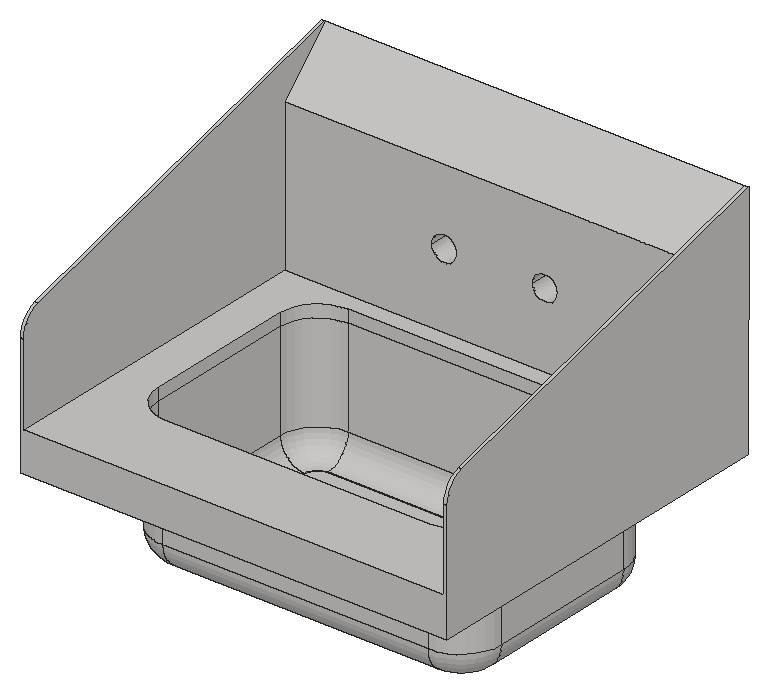
Revit family "QF_Vollrath_1410-0", category Specialty Equipment, Revit 2016
Family settings
  Part Type = Normal
  Round Connector Dimension = Use Diameter
  OmniClass Number = 23.40.40.14.31
  OmniClass Title = Cleaning and Disposal Equipment
  Work Plane-Based = Yes
  Always vertical = Yes
  Cut with Voids When Loaded = No
  Shared = No
  Room Calculation Point = No
Parameters
  Width = 1' - 5"
  Weight in Pounds = 0
  Watermarked By = "http://revitwatermark.com"
  URL Cutsheet = ""
  Status [instance] = ""
  Specification by User [instance] = ""
  Specification by Manufacturer [instance] = ""
  Sink Width = 1' - 1 9/16"
  Sink Depth = 0' - 9 1/16"
  Sink Basin Depth = 0' - 5 1/2"
  Serial Number [instance] = ""
  Seismic Rating [instance] = ""
  SMACNA No [instance] = ""
  Revision Code [instance] = ""
  Plumbing Remarks [instance] = ""
  Plumbing Connection Type [instance] = ""
  NAFEM Spec ID Number [instance] = ""
  Model = "1410-0"
  Masterspec [instance] = ""
  Manufacturer = "Vollrath"
  Item Number [instance] = "-"
  Installed By [instance] = ""
  Furnished By [instance] = ""
  Foodservice Equipment Identifier [instance] = yes
  Direct Waste Size = 2"
  Direct Waste RI Height [instance] = 0' - 0"
  Direct Waste Flow [instance] = 0.00 GPM
  Direct Waste Connection Height [instance] = 0' - 0"
  Description = "Wall-Mount Hand Sink"  # constant formula
  Depth = 1' - 3"
  Default Elevation = 4' - 0"
  CSI MasterFormat = ""
Reference planes (in)
  plane 1 "BACK": y = 0
  plane 2 "BOTTOM": z = 0
  plane 3 "LEFT": x = 0
  plane 4 "RIGHT": x = 17
  plane 5 "FRONT": y = -15
  plane 6: x = 8.5
  plane 7 "center": y = -7.25
  plane 8: y = -2
  plane 9: y = -2.71875
  plane 10: y = -11.78125
  plane 11: x = 1.71875
  plane 12: x = 15.28125
  plane 13 "TOP": z = 8
  plane 14 "Sink Bottom": z = -5.5
  plane 15 "Bottom of Skirt": z = -1.5625
  plane 16 "PIPE 1": z = -7.5
  plane 17 "CENTER 1": x = 6.5
  plane 18 "CENTER 2": x = 10.5
Forms (in)
  Extrusion 1, solid, material "QF_Finishes_Stainless Steel"
    sketch origin (0, 0, -5.5) x (0, 1, 0) y (0, 0, 1)
      loop
        line (0, 13.5) -> (-2, 11.5) -> (-2, 3.9375) -> (0, 3.9375) -> (0, 13.5)
    from 0 to 17
  Extrusion 2, solid, material "QF_Finishes_Stainless Steel"
    sketch origin (0, 0, 0) x (1, 0, 0) y (0, 1, 0)
      loop
        line (0, -2) -> (0, -15) -> (17, -15) -> (17, -2) -> (0, -2)
      loop
        arc (3.21875, -2.71875) -> (2.15809, -3.15809) -> (1.71875, -4.21875) r 1.5
        line (1.71875, -4.21875) -> (1.71875, -10.28125)
        arc (1.71875, -10.28125) -> (2.15809, -11.34191) -> (3.21875, -11.78125) r 1.5
        line (3.21875, -11.78125) -> (13.78125, -11.78125)
        arc (13.78125, -11.78125) -> (14.84191, -11.34191) -> (15.28125, -10.28125) r 1.5
        line (15.28125, -10.28125) -> (15.28125, -4.21875)
        arc (15.28125, -4.21875) -> (14.84191, -3.15809) -> (13.78125, -2.71875) r 1.5
        line (13.78125, -2.71875) -> (3.21875, -2.71875)
    from 0 to -0.5
  Extrusion 3, void
    sketch origin (0, 0, -5.5) x (1, 0, 0) y (0, 0, 1)
      loop
        circle (10.5, 8.5) r 0.5
      loop
        circle (6.5, 8.5) r 0.5
    from 0 to 2
  Sweep 4, solid, material "QF_Finishes_Stainless Steel"
    path origin (0, 0, 0) x (1, 0, 0) y (0, 1, 0)
      loop
        arc (3.21875, -2.71875) -> (2.15809, -3.15809) -> (1.71875, -4.21875) r 1.5
        line (1.71875, -4.21875) -> (1.71875, -10.28125)
        arc (1.71875, -10.28125) -> (2.15809, -11.34191) -> (3.21875, -11.78125) r 1.5
        line (3.21875, -11.78125) -> (13.78125, -11.78125)
        arc (13.78125, -11.78125) -> (14.84191, -11.34191) -> (15.28125, -10.28125) r 1.5
        line (15.28125, -10.28125) -> (15.28125, -4.21875)
        arc (15.28125, -4.21875) -> (14.84191, -3.15809) -> (13.78125, -2.71875) r 1.5
        line (13.78125, -2.71875) -> (3.21875, -2.71875)
    profile origin (8.5, -2.71875, 0) x (0, 1, 0) y (0, 0, 1)
      loop
        line (0, -0.5) -> (0, -4.375)
        arc (0, -4.375) -> (-0.29289, -5.08211) -> (-1, -5.375) r 1
        line (-1, -5.375) -> (-1, -5.5)
        arc (-1, -5.5) -> (-0.2045, -5.1705) -> (0.125, -4.375) r 1.125
        line (0.125, -4.375) -> (0.125, -0.5) -> (0, -0.5)
  Extrusion 5, solid, material "QF_Finishes_Stainless Steel"
    sketch origin (0, 0, -5.5) x (-1, 0, 0) y (0, -1, 0)
      loop
        line (-13.78125, 3.71875) -> (-3.21875, 3.71875)
        arc (-3.21875, 3.71875) -> (-2.8652, 3.8652) -> (-2.71875, 4.21875) r 0.5
        line (-2.71875, 4.21875) -> (-2.71875, 10.28125)
        arc (-2.71875, 10.28125) -> (-2.8652, 10.6348) -> (-3.21875, 10.78125) r 0.5
        line (-3.21875, 10.78125) -> (-13.78125, 10.78125)
        arc (-13.78125, 10.78125) -> (-14.1348, 10.6348) -> (-14.28125, 10.28125) r 0.5
        line (-14.28125, 10.28125) -> (-14.28125, 4.21875)
        arc (-14.28125, 4.21875) -> (-14.1348, 3.8652) -> (-13.78125, 3.71875) r 0.5
      loop
        circle (-8.5, 7.25) r 1
    from 0 to 0.125
  Extrusion 6, solid, material "QF_Finishes_Stainless Steel"
    sketch origin (0, 0, -1.5625) x (-1, 0, 0) y (0, -1, 0)
      loop
        line (0, 2) -> (0, 15) -> (-17, 15) -> (-17, 2) -> (-16.75, 2) -> (-16.75, 14.75) -> (-0.25, 14.75) -> (-0.25, 2) -> (0, 2)
    from 0 to 1.0625
  Extrusion 7, solid, material "QF_Finishes_Stainless Steel"
    sketch origin (0, 0, 0) x (0, 1, 0) y (0, 0, 1)
      loop
        line (0, 0) -> (0, 8) -> (-14.25766, 4.19796)
        arc (-14.25766, 4.19796) -> (-14.79299, 3.84096) -> (-15, 3.23172) r 1
        line (-15, 3.23172) -> (-15, 0) -> (0, 0)
    from 0 to 0.125
  Extrusion 8, solid, material "QF_Finishes_Stainless Steel"
    sketch origin (17, 0, 0) x (0, 1, 0) y (0, 0, 1)
      loop
        line (0, 8) -> (-14.25766, 4.19796)
        arc (-14.25766, 4.19796) -> (-14.79299, 3.84096) -> (-15, 3.23172) r 1
        line (-15, 3.23172) -> (-15, 0) -> (0, 0) -> (0, 8)
    from 0 to -0.125
Cuts and joins
  Extrusion 3 cuts Extrusion 1
  Extrusion 3 cuts Extrusion 2
  joined: Extrusion 1, Extrusion 2, Extrusion 6, Extrusion 7, Extrusion 8
Lines and regions (in)
  symbolic lines
    curve 1: line (0, 0, -1.5625) -> (17, 0, -1.5625)
    curve 2: line (0, -15, -1.5625) -> (0, 0, -1.5625)
    curve 3: line (17, -15, -1.5625) -> (0, -15, -1.5625)
    curve 4: line (17, 0, -1.5625) -> (17, -15, -1.5625)
  symbolic lines, style "QF_Surface Details"
    curve 5: circle (8.5, -7.25, -1.5625) r 1 normal (0, 0, -1)
    curve 6: line (0, -2, -1.5625) -> (17, -2, -1.5625)
    curve 7: line (13.78125, -2.71875, -1.5625) -> (3.21875, -2.71875, -1.5625)
    curve 8: arc (1.71875, -4.21875, -1.5625) -> (2.15809, -3.15809, -1.5625) -> (3.21875, -2.71875, -1.5625) r 1.5
    curve 9: line (1.71875, -4.21875, -1.5625) -> (1.71875, -10.28125, -1.5625)
    curve 10: arc (3.21875, -11.78125, -1.5625) -> (2.15809, -11.34191, -1.5625) -> (1.71875, -10.28125, -1.5625) r 1.5
    curve 11: line (3.21875, -11.78125, -1.5625) -> (13.78125, -11.78125, -1.5625)
    curve 12: arc (15.28125, -10.28125, -1.5625) -> (14.84191, -11.34191, -1.5625) -> (13.78125, -11.78125, -1.5625) r 1.5
    curve 13: line (15.28125, -10.28125, -1.5625) -> (15.28125, -4.21875, -1.5625)
    curve 14: arc (13.78125, -2.71875, -1.5625) -> (14.84191, -3.15809, -1.5625) -> (15.28125, -4.21875, -1.5625) r 1.5
Dimensions and locks (in)
  "Width": plane 3 "LEFT" to plane 4 "RIGHT"
  "Depth": plane 5 "FRONT" to plane 1 "BACK"
  locked: plane 8 to plane 1 "BACK" at 2
  equal spacing: plane 9, plane 7 "center", plane 10
  "Sink Depth": plane 9 to plane 10
  equal spacing: plane 3 "LEFT", plane 6, plane 4 "RIGHT"
  equal spacing: plane 11, plane 6, plane 12
  "Sink Width": plane 11 to plane 12
  locked: plane 13 "TOP" to level at 8
  "Sink Basin Depth": level to plane 14 "Sink Bottom"
  locked: Extrusion 1 sketch curve to plane 13 "TOP" at 2
  locked: Extrusion 3 sketch curve to level at 3  (x2)
  locked: Extrusion 3 sketch curve to plane 6 at 2
  locked: plane 6 to Extrusion 3 sketch curve at 2
  locked: level to plane 15 "Bottom of Skirt" at 1.5625
  locked: level to Sweep 4 sketch curve at 0.5
  locked: Sweep 4 sketch curve to plane 9 at 0.125
  locked: plane 14 "Sink Bottom" to Sweep 4 sketch curve at 0.125
  plane 11 to plane 12 = 1' - 1 9/16"
  plane 9 to plane 10 = 0' - 9 1/16"
  locked: plane 3 "LEFT" to Extrusion 6 sketch curve at 0.25
  locked: plane 5 "FRONT" to Extrusion 6 sketch curve at 0.25
  locked: Extrusion 6 sketch curve to plane 4 "RIGHT" at 0.25
  locked: plane 8 to plane 9 at 0.71875
  aligned and locked: level to plane 2 "BOTTOM"
  aligned and locked: plane 4 "RIGHT" to Extrusion 1
  aligned: plane 9 to cut or joined group of Extrusion 1, Extrusion 2, Extrusion 3, Extrusion 6, Extrusion 7, Extrusion 8
  aligned and locked: Extrusion 3 to plane 8
  aligned and locked: plane 1 "BACK" to Extrusion 1 sketch curve
  aligned and locked: plane 8 to Extrusion 1 sketch curve
  aligned and locked: plane 3 "LEFT" to Extrusion 2 sketch curve
  aligned and locked: Extrusion 2 sketch curve to plane 8
  aligned and locked: Extrusion 2 sketch curve to plane 4 "RIGHT"
  aligned and locked: Extrusion 2 sketch curve to plane 5 "FRONT"
  aligned and locked: Extrusion 2 sketch curve to plane 9
  aligned and locked: plane 11 to Extrusion 2 sketch curve
  aligned and locked: plane 10 to Extrusion 2 sketch curve
  aligned and locked: Extrusion 2 sketch curve to plane 12
  aligned and locked: Sweep 4 sketch curve to plane 9
  aligned and locked: plane 11 to Sweep 4 sketch curve
  aligned and locked: plane 10 to Sweep 4 sketch curve
  aligned and locked: Sweep 4 sketch curve to plane 12
  aligned and locked: plane 9 to Sweep 4 sketch curve
  aligned and locked: plane 14 "Sink Bottom" to Sweep 4 sketch curve
  aligned and locked: Extrusion 5 sketch curve to Sweep 4  (x4)
  aligned and locked: plane 8 to Extrusion 6 sketch curve  (x2)
  aligned and locked: plane 4 "RIGHT" to Extrusion 6 sketch curve
  aligned and locked: plane 5 "FRONT" to Extrusion 6 sketch curve
  aligned and locked: Extrusion 6 sketch curve to plane 3 "LEFT"
  aligned and locked: Extrusion 1 sketch curve to plane 15 "Bottom of Skirt"
  aligned and locked: curve 1 to cut or joined group of Extrusion 1, Extrusion 2, Extrusion 3, Extrusion 6, Extrusion 7, Extrusion 8
  aligned and locked: curve 2 to cut or joined group of Extrusion 1, Extrusion 2, Extrusion 3, Extrusion 6, Extrusion 7, Extrusion 8
  aligned and locked: curve 3 to cut or joined group of Extrusion 1, Extrusion 2, Extrusion 3, Extrusion 6, Extrusion 7, Extrusion 8
  aligned and locked: curve 4 to cut or joined group of Extrusion 1, Extrusion 2, Extrusion 3, Extrusion 6, Extrusion 7, Extrusion 8
Automatic sketch dimensions
  Extrusion 1 sketch curve to Extrusion 1 sketch curve = 0' - 2"
  plane 11 to Extrusion 2 sketch curve = 0' - 1 1/2"  (x2)
  plane 10 to Extrusion 2 sketch curve = 0' - 1 1/2"
  Extrusion 2 sketch curve to plane 12 = 0' - 1 1/2"
  plane 11 to Sweep 4 sketch curve = 0' - 1 1/2"  (x2)
  Sweep 4 sketch curve to plane 12 = 0' - 1 1/2"
  Sweep 4 sketch curve to plane 9 = 0' - 1 1/2"
  Sweep 4 sketch curve to Sweep 4 sketch curve = 0' - 1"
  Extrusion 5 sketch curve to plane 7 "center" = 0' - 0"
  Extrusion 5 sketch curve to Extrusion 5 sketch curve = 0' - 0 1/2"  (x4)
  Extrusion 7 sketch curve to level = 0' - 0"
  Extrusion 7 sketch curve to plane 5 "FRONT" = 0' - 0"
  Extrusion 7 sketch curve to plane 1 "BACK" = 0' - 0"
  plane 13 "TOP" to Extrusion 7 sketch curve = 0' - 0"
  Extrusion 7 sketch curve to plane 5 "FRONT" = 0' - 0.74234"
  Extrusion 7 sketch curve to plane 5 "FRONT" = 0' - 1"
  level to Extrusion 7 sketch curve = 0' - 3.23172"
  Extrusion 8 sketch curve to plane 5 "FRONT" = 0' - 0"
  plane 13 "TOP" to Extrusion 8 sketch curve = 0' - 0"
  Extrusion 8 sketch curve to plane 5 "FRONT" = 0' - 0.74234"
  Extrusion 8 sketch curve to plane 5 "FRONT" = 0' - 1"
  plane 13 "TOP" to Extrusion 8 sketch curve = 0' - 3.80204"
  Extrusion 8 sketch curve to level = 0' - 0"
  Extrusion 8 sketch curve to plane 1 "BACK" = 0' - 0"
  Extrusion 5 sketch curve to plane 18 "CENTER 2" = 0' - 2"
  curve 5 to plane 6 = 0' - 0"
  curve 6 to plane 8 = 0' - 0"
  curve 5 to plane 7 "center" = 0' - 0"
  curve 7 to plane 9 = 0' - 0"
  curve 8 to plane 11 = 0' - 0"
  plane 11 to curve 8 = 0' - 1 1/2"
  plane 10 to curve 9 = 0' - 1 1/2"
  curve 10 to plane 10 = 0' - 0"
  curve 11 to plane 12 = 0' - 1 1/2"
  curve 12 to plane 12 = 0' - 0"
  curve 13 to plane 9 = 0' - 1 1/2"
  radius of Extrusion 3 sketch curve = 0' - 0 1/2"  (x2)
  radius of Extrusion 5 sketch curve = 0' - 1"
  radius of curve 5 = 0' - 1"
Connectors (in)
  piping at (8.5, -7.25, -5.375), diameter 2, driven by "Direct Waste Flow"
    settings: on Extrusion 5, index 1, connector inside diameter 2", connector length 0' - 0", flow factor 0, pipe flow 0.00 GPM, pressure drop 0.00 psi, fitting loss kfactor 0, connector angle 0.00°, fixture units 0, engagement length 0' - 0", angle of deflection 0.00°, flow configuration 1, flow direction 2, fitting loss method 0, system type 16, joint type 0, gender type 0, connector reference index -1, connector utility 0, adjustable connector no, is connector primary yes, connector description "DW"
